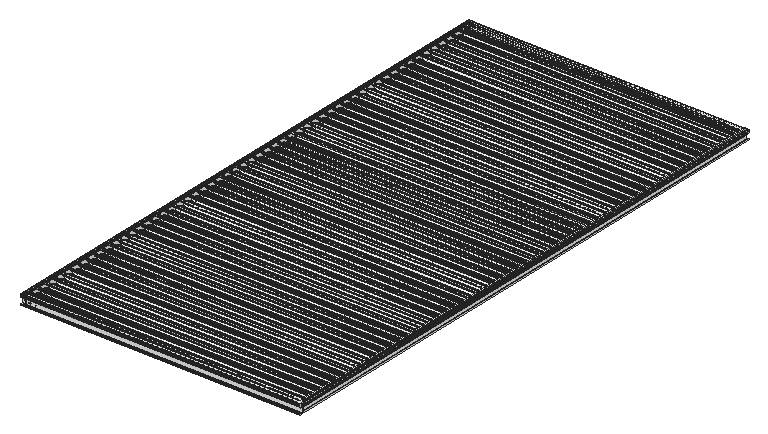
Revit family "All-Lite_EFY-245_R17", category Mechanical Equipment, host Face, Revit 2017
Family settings
  Host = Face
  Round Connector Dimension = Use Diameter
  Part Type = Normal
  Cut with Voids When Loaded = No
  Shared = No
  Room Calculation Point = No
Parameters (values of type "60" x 120"")
  Width Control = if(Width < 4 1/2", 4 1/2", Width)  # 60"
  Width = 60"
  Wall Depth [instance] = 12"
  URL = "https://www.alllite.com/"
  Pressure Loss = ".34 in. wg"  # constant formula
  Screen = "1/2'' x 0.063'' expanded and flattened aluminum."  # constant formula
  Product URL = "https://www.alllite.com/media/resource/EFY245.pdf"
  Revit Components [instance] = "www.commensestudio.com"
  Mullion = "Visible"  # constant formula
  Modeled By = "Commense Studio"  # constant formula
  Model = "EFY-245"  # constant formula
  Maximum Size = "60'' x 120''"  # constant formula
  Louver Placement from Face [instance] = 1"
  Height Control = if(Height < 4 1/2", 4 1/2", Height)  # 120"
  Free Area Velocity = "679 fpm"  # constant formula
  Free Area (48"x 48") = "4.9 ft² 30.8%"  # constant formula
  Frame Width = 5/8"  # constant formula
  Design Load = "20 psf"  # constant formula
  Air Volume Delivered = "3351 cfm"  # constant formula
  Material = "Mill finish 6063-T5 extruded aluminum."  # constant formula
  Manufacturer = "All-Lite"  # constant formula
  Aluminum [instance] = Aluminum
  Blade Width = Width - (Frame Width * 2)  # 58 3/4"
  Frame = "2'' deep x 0.06'' thick channel."  # constant formula
  Description = "The EFY-245 extruded aluminum louver is designed for intake\r\nand exhaust application where protection against water\r\ninfiltration is not critical. The EFY-245 is well suited for special\r\nshape applications and is available with hidden mullions for a\r\ncontinuous blade appearance of multiple section assemblies.\r\nThe EFY-245 is available in a wide array of anodized and\r\npainted finishes including custom color matching."  # constant formula
  Height = 120"
  Depth = 6"  # constant formula
  Default Elevation = 0"
  Minimum Size = "4.5'' x 9.5'"  # constant formula
  Blades = "45° x 0.06'' thick Y- style."  # constant formula
  Assembly Code = "B3020300"
  Array Control 2 = if(Array Control 1 < 2, 2, Array Control 1)  # 55
  Array Control 1 = (Height - 10 3/4") / 2"  # 55
Types (2): name | Width Control | Width | URL | Product URL | Height Control | Blade Width | Height | Array Control 2 | Array Control 1
  60" x 120" | 60" | 60" | "https://www.alllite.com/" | "https://www.alllite.com/media/resource/EFY245.pdf" | 120" | 58 3/4" | 120" | 55 | 55
  36" x 48" | 36" | 36" | "https://www.pottorff.com/" | "" | 48" | 34 3/4" | 48" | 19 | 19
Reference planes (in)
  plane 1 "Center (Front/Back)": y = 0
  plane 2: z = 0
  plane 3 "Center (Left/Right)": x = 0
  plane 4 "L": x = -30
  plane 5 "R": x = 30
  plane 6 "B": y = 60
  plane 7 "F": y = -60
  plane 8 "Framing Sweeps": z = -1
  plane 9: x = -29.375
  plane 10: x = 29.375
  plane 11 "blade": z = -1.081
  plane 12: y = -58.75
  plane 13: y = 56.25
  plane 14: z = -7
  plane 15: z = -12
  plane 16: y = -59.25
Forms (in)
  Sweep 1, solid, material "Aluminum" <- "Aluminum"
    path origin (0, 0, -1) x (-1, 0, 0) y (0, -1, 0)
      loop
        line (30, 60) -> (-30, 60)
    profile origin (0, -60, -1) x (0, 1, 0) y (0, 0, 1)
      loop
        line (0.75, -2) -> (0.75, 0) -> (0, 0) -> (0, -0.18) -> (0.06, -0.18) -> (0.06, -0.06) -> (0.156, -0.06) -> (0.156, -0.467) -> (0.06, -0.467) -> (0.06, -0.407) -> (0, -0.407) -> (0, -0.527) -> (0.216, -0.527) -> (0.216, -0.06) -> (0.69, -0.06) -> (0.69, -2) -> (0.06, -2) -> (0.06, -1.93176) -> (0, -1.93176) -> (0, -2.06) -> (1.75, -2.06) -> (1.75, -2) -> (0.75, -2)
  Sweep 2, solid, material "Aluminum" <- "Aluminum"
    path origin (0, 0, -1) x (-1, 0, 0) y (0, -1, 0)
      loop
        line (29.375, -60) -> (-29.375, -60)
    profile origin (0, 60, -1) x (0, 1, 0) y (0, 0, 1)
      loop
        line (0, -2.06) -> (0, -1.50555) -> (-0.11189, -1.50555)
        arc (-0.11189, -1.50555) -> (-0.13398, -1.4964) -> (-0.14314, -1.4743) r 0.03125
        line (-0.14314, -1.4743) -> (-0.14314, -0.667) -> (0, -0.667) -> (0, -0.407) -> (-0.06, -0.407) -> (-0.06, -0.477) -> (-0.156, -0.477) -> (-0.156, -0.12) -> (-0.06, -0.12) -> (-0.06, -0.17905) -> (0, -0.17905) -> (0, -0.06) -> (-0.74979, -0.06) -> (-0.97973, -0.28994) -> (-0.93741, -0.33226) -> (-0.72515, -0.12) -> (-0.216, -0.12) -> (-0.216, -0.477) -> (-0.30649, -0.477) -> (-0.30649, -0.542) -> (-1.85, -0.542) -> (-1.85, -0.12) -> (-1.2525, -0.12)
        arc (-1.2525, -0.12) -> (-1.2225, -0.09) -> (-1.2525, -0.06) r 0.03
        line (-1.2525, -0.06) -> (-1.87094, -0.06)
        arc (-1.87094, -0.06) -> (-1.89856, -0.07144) -> (-1.91, -0.09906) r 0.03906
        line (-1.91, -0.09906) -> (-1.91, -0.56478)
        arc (-1.91, -0.56478) -> (-1.8991, -0.5911) -> (-1.87278, -0.602) r 0.03722
        line (-1.87278, -0.602) -> (-1.66474, -0.602)
        arc (-1.66474, -0.602) -> (-1.63615, -0.62063) -> (-1.64165, -0.6543) r 0.03125
        arc (-1.64165, -0.6543) -> (-1.67948, -0.75445) -> (-1.63828, -0.85327) r 0.145
        arc (-1.63828, -0.85327) -> (-1.59629, -0.85283) -> (-1.59585, -0.81083) r 0.03001
        arc (-1.59585, -0.81083) -> (-1.5345, -0.667) -> (-1.47315, -0.81083) r 0.085
        arc (-1.47315, -0.81083) -> (-1.47181, -0.8537) -> (-1.42898, -0.85145) r 0.03001
        arc (-1.42898, -0.85145) -> (-1.3895, -0.7532) -> (-1.42735, -0.6543) r 0.145
        arc (-1.42735, -0.6543) -> (-1.43285, -0.62063) -> (-1.40426, -0.602) r 0.03125
        line (-1.40426, -0.602) -> (-1.10224, -0.602)
        arc (-1.10224, -0.602) -> (-1.07365, -0.62063) -> (-1.07915, -0.65431) r 0.03125
        arc (-1.07915, -0.65431) -> (-1.11699, -0.75399) -> (-1.07642, -0.8526) r 0.145
        arc (-1.07642, -0.8526) -> (-1.03369, -0.85359) -> (-1.03336, -0.81084) r 0.03
        arc (-1.03336, -0.81084) -> (-0.972, -0.66702) -> (-0.91069, -0.81086) r 0.085
        arc (-0.91069, -0.81086) -> (-0.90709, -0.8583) -> (-0.86033, -0.8495) r 0.03193
        arc (-0.86033, -0.8495) -> (-0.82704, -0.75356) -> (-0.86485, -0.6593) r 0.145
        arc (-0.86485, -0.6593) -> (-0.87035, -0.62563) -> (-0.84176, -0.607) r 0.03125
        line (-0.84176, -0.607) -> (-0.285, -0.607)
        arc (-0.285, -0.607) -> (-0.38753, -0.64947) -> (-0.43, -0.752) r 0.145
        arc (-0.43, -0.752) -> (-0.4, -0.782) -> (-0.37, -0.752) r 0.03
        arc (-0.37, -0.752) -> (-0.2249, -0.6919) -> (-0.285, -0.837) r 0.085
        arc (-0.285, -0.837) -> (-0.315, -0.867) -> (-0.285, -0.897) r 0.03
        arc (-0.285, -0.897) -> (-0.26327, -0.89536) -> (-0.24203, -0.89049) r 0.145
        arc (-0.24203, -0.89049) -> (-0.21534, -0.89499) -> (-0.20314, -0.91914) r 0.03
        line (-0.20314, -0.91914) -> (-0.20314, -1.36841)
        arc (-0.20314, -1.36841) -> (-0.21534, -1.39256) -> (-0.24203, -1.39706) r 0.03
        arc (-0.24203, -1.39706) -> (-0.31831, -1.39443) -> (-0.38536, -1.4309) r 0.145
        arc (-0.38536, -1.4309) -> (-0.38625, -1.47331) -> (-0.34383, -1.4742) r 0.03
        arc (-0.34383, -1.4742) -> (-0.2, -1.53461) -> (-0.34246, -1.59819) r 0.085
        arc (-0.34246, -1.59819) -> (-0.38537, -1.59772) -> (-0.3849, -1.64064) r 0.03002
        arc (-0.3849, -1.64064) -> (-0.25224, -1.6768) -> (-0.14904, -1.58594) r 0.145
        arc (-0.14904, -1.58594) -> (-0.13758, -1.57115) -> (-0.11973, -1.56555) r 0.03125
        line (-0.11973, -1.56555) -> (-0.06, -1.56555) -> (-0.06, -2) -> (-0.62636, -2) -> (-0.62636, -2.06) -> (0, -2.06)
  Sweep 3, solid, material "Aluminum" <- "Aluminum"
    path origin (0, 0, -1) x (-1, 0, 0) y (0, -1, 0)
      loop
        line (30, -60) -> (30, 59.25)
    profile "Profile - H Channel - 2in : 2 x 5/8" origin (-30, 0.375, -1) x (1, 0, 0) y (0, 0, 1)
      loop
        line (0.06, -1.94) -> (0.06, -1.8285)
        arc (0.06, -1.8285) -> (0.03, -1.7985) -> (0, -1.8285) r 0.03
        line (0, -1.8285) -> (0, -2) -> (0.625, -2) -> (0.625, -0.467) -> (0.216, -0.467) -> (0.216, -0.06) -> (0.565, -0.06) -> (0.565, -0.12397)
        arc (0.565, -0.12397) -> (0.595, -0.15397) -> (0.625, -0.12397) r 0.03
        line (0.625, -0.12397) -> (0.625, -0.06) -> (0.734, -0.06)
        arc (0.734, -0.06) -> (0.764, -0.03) -> (0.734, 0) r 0.03
        line (0.734, 0) -> (0, 0) -> (0, -0.164)
        arc (0, -0.164) -> (0.03, -0.194) -> (0.06, -0.164) r 0.03
        line (0.06, -0.164) -> (0.06, -0.06) -> (0.156, -0.06) -> (0.156, -0.467) -> (0.06, -0.467) -> (0.06, -0.423)
        arc (0.06, -0.423) -> (0.03, -0.393) -> (0, -0.423) r 0.03
        line (0, -0.423) -> (0, -0.527) -> (0.565, -0.527) -> (0.565, -0.95365)
        arc (0.565, -0.95365) -> (0.55309, -0.97675) -> (0.52737, -0.98046) r 0.02836
        arc (0.52737, -0.98046) -> (0.44833, -0.976) -> (0.37873, -1.01372) r 0.145
        arc (0.37873, -1.01372) -> (0.37917, -1.05571) -> (0.42117, -1.05615) r 0.03001
        arc (0.42117, -1.05615) -> (0.565, -1.1172) -> (0.4216, -1.17926) r 0.085
        arc (0.4216, -1.17926) -> (0.37984, -1.18038) -> (0.37964, -1.22215) r 0.03002
        arc (0.37964, -1.22215) -> (0.44707, -1.25871) -> (0.52373, -1.25575) r 0.145
        arc (0.52373, -1.25575) -> (0.55203, -1.2604) -> (0.565, -1.28598) r 0.03171
        line (0.565, -1.28598) -> (0.565, -1.94) -> (0.06, -1.94)
  Sweep 4, solid, material "Aluminum" <- "Aluminum"
    path origin (0, 0, -1) x (-1, 0, 0) y (0, -1, 0)
      loop
        line (-30, -60) -> (-30, 59.25)
    profile "Profile - H Channel - 2in : 2 x 5/8" origin (30, 0.375, -1) x (1, 0, 0) y (0, 0, 1)
      loop
        line (-0.06, -1.94) -> (-0.565, -1.94) -> (-0.565, -1.28598)
        arc (-0.565, -1.28598) -> (-0.55203, -1.2604) -> (-0.52373, -1.25575) r 0.03171
        arc (-0.52373, -1.25575) -> (-0.44707, -1.25871) -> (-0.37964, -1.22215) r 0.145
        arc (-0.37964, -1.22215) -> (-0.37984, -1.18038) -> (-0.4216, -1.17926) r 0.03002
        arc (-0.4216, -1.17926) -> (-0.565, -1.1172) -> (-0.42117, -1.05615) r 0.085
        arc (-0.42117, -1.05615) -> (-0.37917, -1.05571) -> (-0.37873, -1.01372) r 0.03001
        arc (-0.37873, -1.01372) -> (-0.44833, -0.976) -> (-0.52737, -0.98046) r 0.145
        arc (-0.52737, -0.98046) -> (-0.55309, -0.97675) -> (-0.565, -0.95365) r 0.02836
        line (-0.565, -0.95365) -> (-0.565, -0.527) -> (0, -0.527) -> (0, -0.423)
        arc (0, -0.423) -> (-0.03, -0.393) -> (-0.06, -0.423) r 0.03
        line (-0.06, -0.423) -> (-0.06, -0.467) -> (-0.156, -0.467) -> (-0.156, -0.06) -> (-0.06, -0.06) -> (-0.06, -0.164)
        arc (-0.06, -0.164) -> (-0.03, -0.194) -> (0, -0.164) r 0.03
        line (0, -0.164) -> (0, 0) -> (-0.734, 0)
        arc (-0.734, 0) -> (-0.764, -0.03) -> (-0.734, -0.06) r 0.03
        line (-0.734, -0.06) -> (-0.625, -0.06) -> (-0.625, -0.12397)
        arc (-0.625, -0.12397) -> (-0.595, -0.15397) -> (-0.565, -0.12397) r 0.03
        line (-0.565, -0.12397) -> (-0.565, -0.06) -> (-0.216, -0.06) -> (-0.216, -0.467) -> (-0.625, -0.467) -> (-0.625, -2) -> (0, -2) -> (0, -1.8285)
        arc (0, -1.8285) -> (-0.03, -1.7985) -> (-0.06, -1.8285) r 0.03
        line (-0.06, -1.8285) -> (-0.06, -1.94)
  Extrusion 5, void
    sketch origin (10.61611, 0, 0) x (0, 0, 1) y (0, -1, 0)
      loop
        line (0, 60) -> (-12, 60) -> (-12, -60) -> (0, -60) -> (0, 60)
    from -40.61611 to 19.38389
Cuts and joins
  joined: Sweep 1, Sweep 3, Sweep 4
Lines and regions (in)
  symbolic lines
    curve 1: line (-30, 60, -1) -> (30, 60, -1)
    curve 2: line (-30, -60, -1) -> (-30, 60, -1)
    curve 3: line (30, -60, -1) -> (-30, -60, -1)
    curve 4: line (30, 60, -1) -> (30, -60, -1)
    curve 5: line (-29.5, 59.5, -1) -> (29.5, 59.5, -1)
    curve 6: line (29.5, 59.5, -1) -> (29.5, -59.5, -1)
    curve 7: line (29.5, -59.5, -1) -> (-29.5, -59.5, -1)
    curve 8: line (-29.5, -59.5, -1) -> (-29.5, 59.5, -1)
Dimensions and locks (in)
  equal spacing: plane 4 "L", plane 3 "Center (Left/Right)", plane 5 "R"
  "Width Control": plane 4 "L" to plane 5 "R"
  equal spacing: plane 7 "F", plane 1 "Center (Front/Back)", plane 6 "B"
  "Height Control": plane 7 "F" to plane 6 "B"
  "Louver Placement from Face": level to plane 8 "Framing Sweeps"
  "Frame Width": plane 4 "L" to plane 9
  "Frame Width": plane 10 to plane 5 "R"
  locked: plane 7 "F" to plane 12 at 1.25
  equal spacing: group 1, group 3, group 4, group 5, group 6, group 7, group 8, group 9, group 10, group 11, group 12, group 13, group 14, group 15, group 16, group 17, group 18, group 19, group 20, group 21, group 22, group 23, group 24, group 25, group 26, group 27, group 28, group 29, group 30, group 31, group 32, group 33, group 34, group 35, group 36, group 37, group 38, group 39, group 40, group 41, group 42, group 43, group 44, group 45, group 46, group 47, group 48, group 49, group 50, group 51, group 52, group 53, group 54, group 55, group 2  (x3)
  locked: plane 8 "Framing Sweeps" to plane 11 "blade" at 0.081
  "Wall Depth": level to plane 15
  "Depth": plane 8 "Framing Sweeps" to plane 14
  locked: plane 13 to plane 6 "B" at 3.75
  locked: plane 7 "F" to plane 16 at 0.75
  aligned and locked: plane 2 to host face
  aligned and locked: level to host face
  aligned and locked: plane 11 "blade" to nested 1
  aligned and locked: plane 12 to nested 1
  aligned and locked: plane 13 to nested 2
  aligned and locked: plane 6 "B" to Sweep 2 sketch curve
  aligned and locked: Sweep 4 sketch curve to plane 5 "R"
  aligned and locked: plane 9 to Sweep 2 sketch curve
  aligned and locked: Sweep 2 sketch curve to plane 10
  aligned and locked: plane 11 "blade" to nested 2
  aligned and locked: plane 15 to host face
  aligned and locked: plane 15 to Extrusion 5
  aligned and locked: plane 7 "F" to Extrusion 5
  aligned and locked: Extrusion 5 to plane 4 "L"
  aligned and locked: Extrusion 5 to plane 5 "R"
  aligned and locked: plane 16 to Sweep 4 sketch curve
  aligned and locked: plane 16 to Sweep 3 sketch curve
Automatic sketch dimensions
  host sketch curve to host sketch curve = 96"
  host sketch curve to host sketch curve = 158.30898"
  curve 1 to plane 5 "R" = 0"
  curve 2 to plane 4 "L" = 0"
  plane 6 "B" to curve 1 = 0"
  plane 7 "F" to curve 3 = 0"
  curve 7 to plane 5 "R" = 1/2"
  plane 4 "L" to curve 7 = 1/2"
  plane 6 "B" to curve 5 = 1/2"
  curve 8 to plane 7 "F" = 1/2"
  Sweep 4 sketch curve to plane 6 "B" = 0"
  Sweep 3 sketch curve to plane 4 "L" = 0"
  Sweep 3 sketch curve to plane 6 "B" = 0"
  Sweep 1 sketch curve to plane 5 "R" = 0"
  Sweep 1 sketch curve to plane 4 "L" = 0"
  plane 7 "F" to Sweep 1 sketch curve = 0"
  Extrusion 5 sketch curve to level = 0"
  Extrusion 5 sketch curve to plane 6 "B" = 0"
  Extrusion 5 sketch curve to plane 11 "blade" = 10.919"
  Extrusion 5 sketch curve to plane 13 = 116 1/4"
  Sweep 1 sketch curve to profile plane = 0"  (x3)
  Sweep 1 sketch curve to plane 8 "Framing Sweeps" = 0"
  Sweep 1 sketch curve to Sweep 1 sketch curve = 0.06"  (x7)
  Sweep 1 sketch curve to Sweep 1 sketch curve = 0.096"
  Sweep 1 sketch curve to Sweep 1 sketch curve = 0.63"
  Sweep 1 sketch curve to Sweep 1 sketch curve = 1"
  Sweep 1 sketch curve to plane 8 "Framing Sweeps" = 0.06"  (x2)
  Sweep 1 sketch curve to Sweep 1 sketch curve = 0.12"
  Sweep 1 sketch curve to Sweep 1 sketch curve = 0.227"
  Sweep 1 sketch curve to Sweep 1 sketch curve = 1.52476"
  Sweep 1 sketch curve to Sweep 1 sketch curve = 0.06824"  (x2)
  Sweep 1 sketch curve to profile plane = 0.06"
  Sweep 2 sketch curve to Sweep 2 sketch curve = 0"  (x31)
  Sweep 2 sketch curve to profile plane = 0"  (x3)
  profile plane to Sweep 2 sketch curve = 0.06"  (x3)
  Sweep 2 sketch curve to Sweep 2 sketch curve = 0.05189"
  Sweep 2 sketch curve to Sweep 2 sketch curve = 0.05974"
  Sweep 2 sketch curve to Sweep 2 sketch curve = 1/32"  (x6)
  Sweep 2 sketch curve to Sweep 2 sketch curve = 0.096"
  Sweep 2 sketch curve to Sweep 2 sketch curve = 0.06"  (x4)
  Sweep 2 sketch curve to Sweep 2 sketch curve = 0.09"
  profile plane to Sweep 2 sketch curve = 0.23314"
  Sweep 2 sketch curve to Sweep 2 sketch curve = 0.14186"  (x2)
  Sweep 2 sketch curve to Sweep 2 sketch curve = 0.09049"
  Sweep 2 sketch curve to Sweep 2 sketch curve = 0.07914"
  Sweep 2 sketch curve to Sweep 2 sketch curve = 0.0796"
  Sweep 2 sketch curve to Sweep 2 sketch curve = 0.115"  (x2)
  Sweep 2 sketch curve to Sweep 2 sketch curve = 0.26222"
  Sweep 2 sketch curve to plane 8 "Framing Sweeps" = 0.12"
  Sweep 2 sketch curve to Sweep 2 sketch curve = 0.50915"
  Sweep 2 sketch curve to Sweep 2 sketch curve = 0.02464"
  Sweep 2 sketch curve to Sweep 2 sketch curve = 0.44176"
  Sweep 2 sketch curve to Sweep 2 sketch curve = 0.04589"
  Sweep 2 sketch curve to plane 8 "Framing Sweeps" = 0.33226"
  Sweep 2 sketch curve to Sweep 2 sketch curve = 0.09565"
  Sweep 2 sketch curve to Sweep 2 sketch curve = 0.08435"
  Sweep 2 sketch curve to plane 8 "Framing Sweeps" = 0.28994"
  Sweep 2 sketch curve to Sweep 2 sketch curve = 0.04232"
  Sweep 2 sketch curve to Sweep 2 sketch curve = 0.08257"
  Sweep 2 sketch curve to Sweep 2 sketch curve = 0.13024"  (x2)
  Sweep 2 sketch curve to plane 8 "Framing Sweeps" = 0.06"  (x2)
  Sweep 2 sketch curve to Sweep 2 sketch curve = 0.27276"
  Sweep 2 sketch curve to Sweep 2 sketch curve = 0.30202"
  Sweep 2 sketch curve to Sweep 2 sketch curve = 0.04723"
  Sweep 2 sketch curve to Sweep 2 sketch curve = 0.08301"  (x2)
  Sweep 2 sketch curve to Sweep 2 sketch curve = 0.18526"
  Sweep 2 sketch curve to Sweep 2 sketch curve = 0.02094"
  Sweep 2 sketch curve to Sweep 2 sketch curve = 0.02279"
  Sweep 2 sketch curve to Sweep 2 sketch curve = 0.03722"
  Sweep 2 sketch curve to Sweep 2 sketch curve = 0.287"
  Sweep 2 sketch curve to Sweep 2 sketch curve = 0.07"  (x2)
  Sweep 2 sketch curve to Sweep 2 sketch curve = 0.065"
  Sweep 2 sketch curve to Sweep 2 sketch curve = 0.02278"
  Sweep 2 sketch curve to Sweep 2 sketch curve = 0.26974"
  Sweep 2 sketch curve to Sweep 2 sketch curve = 0.005"
  Sweep 2 sketch curve to Sweep 2 sketch curve = 0.19"
  Sweep 2 sketch curve to Sweep 2 sketch curve = 0.145"
  Sweep 2 sketch curve to Sweep 2 sketch curve = 0.11875"
  Sweep 2 sketch curve to Sweep 2 sketch curve = 0.11375"
  Sweep 2 sketch curve to Sweep 2 sketch curve = 0.00499"
  Sweep 2 sketch curve to Sweep 2 sketch curve = 0.07961"  (x2)
  Sweep 2 sketch curve to Sweep 2 sketch curve = 0.07505"
  Sweep 2 sketch curve to Sweep 2 sketch curve = 0.07597"
  Sweep 2 sketch curve to Sweep 2 sketch curve = 0.05214"
  Sweep 2 sketch curve to Sweep 2 sketch curve = 0.44927"
  Sweep 2 sketch curve to Sweep 2 sketch curve = 0.08414"
  Sweep 2 sketch curve to Sweep 2 sketch curve = 0.10589"
  Sweep 2 sketch curve to Sweep 2 sketch curve = 0.083"
  Sweep 2 sketch curve to Sweep 2 sketch curve = 0.0834"
  Sweep 2 sketch curve to Sweep 2 sketch curve = 0.38105"
  Sweep 2 sketch curve to plane 8 "Framing Sweeps" = 0.17905"
  Sweep 2 sketch curve to Sweep 2 sketch curve = 0.05905"
  Sweep 2 sketch curve to Sweep 2 sketch curve = 0.03"  (x2)
  Sweep 2 sketch curve to Sweep 2 sketch curve = 0.02169"
  Sweep 2 sketch curve to Sweep 2 sketch curve = 0.02076"
  Sweep 2 sketch curve to Sweep 2 sketch curve = 0.02732"
  Sweep 2 sketch curve to Sweep 2 sketch curve = 0.02121"
  Sweep 2 sketch curve to Sweep 2 sketch curve = 0.02186"
  Sweep 2 sketch curve to Sweep 2 sketch curve = 0.02251"
  Sweep 2 sketch curve to Sweep 2 sketch curve = 0.02077"
Nested families (in)
  nested 1: "Blade_Y-Style 2in_45 deg" at (0, -58.75, -1.081), type "Blade_Y-Style 2in_45 deg"
    with W 58 3/4"
  nested 2: "Blade_Y-Style 2in_45 deg" at (0, 56.25, -1.081), type "Blade_Y-Style 2in_45 deg"
    with W 58 3/4"
  nested 3: "Blade_Y-Style 2in_45 deg" at (0, -56.62037, -1.081), type "Blade_Y-Style 2in_45 deg"
    with W 58 3/4"
  nested 4: "Blade_Y-Style 2in_45 deg" at (0, -54.49074, -1.081), type "Blade_Y-Style 2in_45 deg"
    with W 58 3/4"
  nested 5: "Blade_Y-Style 2in_45 deg" at (0, -52.36111, -1.081), type "Blade_Y-Style 2in_45 deg"
    with W 58 3/4"
  nested 6: "Blade_Y-Style 2in_45 deg" at (0, -50.23148, -1.081), type "Blade_Y-Style 2in_45 deg"
    with W 58 3/4"
  nested 7: "Blade_Y-Style 2in_45 deg" at (0, -48.10185, -1.081), type "Blade_Y-Style 2in_45 deg"
    with W 58 3/4"
  nested 8: "Blade_Y-Style 2in_45 deg" at (0, -45.97222, -1.081), type "Blade_Y-Style 2in_45 deg"
    with W 58 3/4"
  nested 9: "Blade_Y-Style 2in_45 deg" at (0, -43.84259, -1.081), type "Blade_Y-Style 2in_45 deg"
    with W 58 3/4"
  nested 10: "Blade_Y-Style 2in_45 deg" at (0, -41.71296, -1.081), type "Blade_Y-Style 2in_45 deg"
    with W 58 3/4"
  nested 11: "Blade_Y-Style 2in_45 deg" at (0, -39.58333, -1.081), type "Blade_Y-Style 2in_45 deg"
    with W 58 3/4"
  nested 12: "Blade_Y-Style 2in_45 deg" at (0, -37.4537, -1.081), type "Blade_Y-Style 2in_45 deg"
    with W 58 3/4"
  nested 13: "Blade_Y-Style 2in_45 deg" at (0, -35.32407, -1.081), type "Blade_Y-Style 2in_45 deg"
    with W 58 3/4"
  nested 14: "Blade_Y-Style 2in_45 deg" at (0, -33.19444, -1.081), type "Blade_Y-Style 2in_45 deg"
    with W 58 3/4"
  nested 15: "Blade_Y-Style 2in_45 deg" at (0, -31.06481, -1.081), type "Blade_Y-Style 2in_45 deg"
    with W 58 3/4"
  nested 16: "Blade_Y-Style 2in_45 deg" at (0, -28.93519, -1.081), type "Blade_Y-Style 2in_45 deg"
    with W 58 3/4"
  nested 17: "Blade_Y-Style 2in_45 deg" at (0, -26.80556, -1.081), type "Blade_Y-Style 2in_45 deg"
    with W 58 3/4"
  nested 18: "Blade_Y-Style 2in_45 deg" at (0, -24.67593, -1.081), type "Blade_Y-Style 2in_45 deg"
    with W 58 3/4"
  nested 19: "Blade_Y-Style 2in_45 deg" at (0, -22.5463, -1.081), type "Blade_Y-Style 2in_45 deg"
    with W 58 3/4"
  nested 20: "Blade_Y-Style 2in_45 deg" at (0, -20.41667, -1.081), type "Blade_Y-Style 2in_45 deg"
    with W 58 3/4"
  nested 21: "Blade_Y-Style 2in_45 deg" at (0, -18.28704, -1.081), type "Blade_Y-Style 2in_45 deg"
    with W 58 3/4"
  nested 22: "Blade_Y-Style 2in_45 deg" at (0, -16.15741, -1.081), type "Blade_Y-Style 2in_45 deg"
    with W 58 3/4"
  nested 23: "Blade_Y-Style 2in_45 deg" at (0, -14.02778, -1.081), type "Blade_Y-Style 2in_45 deg"
    with W 58 3/4"
  nested 24: "Blade_Y-Style 2in_45 deg" at (0, -11.89815, -1.081), type "Blade_Y-Style 2in_45 deg"
    with W 58 3/4"
  nested 25: "Blade_Y-Style 2in_45 deg" at (0, -9.76852, -1.081), type "Blade_Y-Style 2in_45 deg"
    with W 58 3/4"
  nested 26: "Blade_Y-Style 2in_45 deg" at (0, -7.63889, -1.081), type "Blade_Y-Style 2in_45 deg"
    with W 58 3/4"
  nested 27: "Blade_Y-Style 2in_45 deg" at (0, -5.50926, -1.081), type "Blade_Y-Style 2in_45 deg"
    with W 58 3/4"
  nested 28: "Blade_Y-Style 2in_45 deg" at (0, -3.37963, -1.081), type "Blade_Y-Style 2in_45 deg"
    with W 58 3/4"
  nested 29: "Blade_Y-Style 2in_45 deg" at (0, -1.25, -1.081), type "Blade_Y-Style 2in_45 deg"
    with W 58 3/4"
  nested 30: "Blade_Y-Style 2in_45 deg" at (0, 0.87963, -1.081), type "Blade_Y-Style 2in_45 deg"
    with W 58 3/4"
  nested 31: "Blade_Y-Style 2in_45 deg" at (0, 3.00926, -1.081), type "Blade_Y-Style 2in_45 deg"
    with W 58 3/4"
  nested 32: "Blade_Y-Style 2in_45 deg" at (0, 5.13889, -1.081), type "Blade_Y-Style 2in_45 deg"
    with W 58 3/4"
  nested 33: "Blade_Y-Style 2in_45 deg" at (0, 7.26852, -1.081), type "Blade_Y-Style 2in_45 deg"
    with W 58 3/4"
  nested 34: "Blade_Y-Style 2in_45 deg" at (0, 9.39815, -1.081), type "Blade_Y-Style 2in_45 deg"
    with W 58 3/4"
  nested 35: "Blade_Y-Style 2in_45 deg" at (0, 11.52778, -1.081), type "Blade_Y-Style 2in_45 deg"
    with W 58 3/4"
  nested 36: "Blade_Y-Style 2in_45 deg" at (0, 13.65741, -1.081), type "Blade_Y-Style 2in_45 deg"
    with W 58 3/4"
  nested 37: "Blade_Y-Style 2in_45 deg" at (0, 15.78704, -1.081), type "Blade_Y-Style 2in_45 deg"
    with W 58 3/4"
  nested 38: "Blade_Y-Style 2in_45 deg" at (0, 17.91667, -1.081), type "Blade_Y-Style 2in_45 deg"
    with W 58 3/4"
  nested 39: "Blade_Y-Style 2in_45 deg" at (0, 20.0463, -1.081), type "Blade_Y-Style 2in_45 deg"
    with W 58 3/4"
  nested 40: "Blade_Y-Style 2in_45 deg" at (0, 22.17593, -1.081), type "Blade_Y-Style 2in_45 deg"
    with W 58 3/4"
  nested 41: "Blade_Y-Style 2in_45 deg" at (0, 24.30556, -1.081), type "Blade_Y-Style 2in_45 deg"
    with W 58 3/4"
  nested 42: "Blade_Y-Style 2in_45 deg" at (0, 26.43519, -1.081), type "Blade_Y-Style 2in_45 deg"
    with W 58 3/4"
  nested 43: "Blade_Y-Style 2in_45 deg" at (0, 28.56481, -1.081), type "Blade_Y-Style 2in_45 deg"
    with W 58 3/4"
  nested 44: "Blade_Y-Style 2in_45 deg" at (0, 30.69444, -1.081), type "Blade_Y-Style 2in_45 deg"
    with W 58 3/4"
  nested 45: "Blade_Y-Style 2in_45 deg" at (0, 32.82407, -1.081), type "Blade_Y-Style 2in_45 deg"
    with W 58 3/4"
  nested 46: "Blade_Y-Style 2in_45 deg" at (0, 34.9537, -1.081), type "Blade_Y-Style 2in_45 deg"
    with W 58 3/4"
  nested 47: "Blade_Y-Style 2in_45 deg" at (0, 37.08333, -1.081), type "Blade_Y-Style 2in_45 deg"
    with W 58 3/4"
  nested 48: "Blade_Y-Style 2in_45 deg" at (0, 39.21296, -1.081), type "Blade_Y-Style 2in_45 deg"
    with W 58 3/4"
  nested 49: "Blade_Y-Style 2in_45 deg" at (0, 41.34259, -1.081), type "Blade_Y-Style 2in_45 deg"
    with W 58 3/4"
  nested 50: "Blade_Y-Style 2in_45 deg" at (0, 43.47222, -1.081), type "Blade_Y-Style 2in_45 deg"
    with W 58 3/4"
  nested 51: "Blade_Y-Style 2in_45 deg" at (0, 45.60185, -1.081), type "Blade_Y-Style 2in_45 deg"
    with W 58 3/4"
  nested 52: "Blade_Y-Style 2in_45 deg" at (0, 47.73148, -1.081), type "Blade_Y-Style 2in_45 deg"
    with W 58 3/4"
  nested 53: "Blade_Y-Style 2in_45 deg" at (0, 49.86111, -1.081), type "Blade_Y-Style 2in_45 deg"
    with W 58 3/4"
  nested 54: "Blade_Y-Style 2in_45 deg" at (0, 51.99074, -1.081), type "Blade_Y-Style 2in_45 deg"
    with W 58 3/4"
  nested 55: "Blade_Y-Style 2in_45 deg" at (0, 54.12037, -1.081), type "Blade_Y-Style 2in_45 deg"
    with W 58 3/4"
Connectors (in)
  hvac at (0, 0, -1), driven by "Height", driven by "Width"
    settings: index 1, duct flow 0 CFM, flow factor 0, pres drop 0.00 in-wg, loss coef 0, conn angle 0.00°, conn width 60", conn height 120", conn diameter 24", duct sys type 1, conn prof type 1, flow config 0, flow direction 0, loss method 0, conn ref index -1, conn util no, is conn primary yes, conn desc ""
Definition of nested family "Blade_Y-Style 2in_45 deg"
  Parameters (values of type "Blade_Y-Style 2in_45 deg")
    W = 58"
    Blade = none
    Assembly Code = ""
  Reference planes (in)
    plane 1 "Center (Front/Back)": y = 0
    plane 2: z = 0
    plane 3 "Center (Left/Right)": x = 0
    plane 4: x = -29
    plane 5: x = 29
    plane 6: z = 0
    plane 7: y = 2
  Forms (in)
    Sweep 1, solid, material <- "Blade"
      path origin (0, 0, 0) x (1, 0, 0) y (0, 0, -1)
        loop
          line (-29, 0) -> (29, 0)
      profile "Profile - Y Blade - 2in_45 deg : Profile - Y Blade - 2in_45 deg" origin (0, 0, 0) x (0, 0, -1) y (0, 1, 0)
        loop
          line (0, 0.543) -> (0, 0.03)
          arc (0, 0.03) -> (0.03, 0) -> (0.06, 0.03) r 0.03
          line (0.06, 0.03) -> (0.06, 0.51815) -> (0.50405, 0.9622)
          arc (0.50405, 0.9622) -> (0.53006, 0.97068) -> (0.55214, 0.95453) r 0.03
          arc (0.55214, 0.95453) -> (0.6029, 0.89792) -> (0.67532, 0.87478) r 0.145
          arc (0.67532, 0.87478) -> (0.7118, 0.90116) -> (0.6817, 0.93464) r 0.03027
          arc (0.6817, 0.93464) -> (0.6216, 1.07974) -> (0.7667, 1.01964) r 0.085
          arc (0.7667, 1.01964) -> (0.79989, 0.99223) -> (0.82656, 1.02602) r 0.03011
          arc (0.82656, 1.02602) -> (0.80342, 1.09844) -> (0.74681, 1.1492) r 0.145
          arc (0.74681, 1.1492) -> (0.73067, 1.17123) -> (0.73907, 1.19722) r 0.03
          line (0.73907, 1.19722) -> (0.965, 1.42315) -> (1.4095, 0.97864)
          arc (1.4095, 0.97864) -> (1.41828, 0.95172) -> (1.40171, 0.92876) r 0.03125
          arc (1.40171, 0.92876) -> (1.3443, 0.87535) -> (1.32309, 0.79985) r 0.145
          arc (1.32309, 0.79985) -> (1.35309, 0.77227) -> (1.38309, 0.79985) r 0.03011
          arc (1.38309, 0.79985) -> (1.52686, 0.86126) -> (1.47183, 0.71493) r 0.085
          arc (1.47183, 0.71493) -> (1.44057, 0.68672) -> (1.46809, 0.65485) r 0.03011
          arc (1.46809, 0.65485) -> (1.5442, 0.67643) -> (1.59765, 0.73474) r 0.145
          arc (1.59765, 0.73474) -> (1.61968, 0.75088) -> (1.64567, 0.74248) r 0.03
          line (1.64567, 0.74248) -> (1.87, 0.51815) -> (1.87, 0.03)
          arc (1.87, 0.03) -> (1.9, 0) -> (1.93, 0.03) r 0.03
          line (1.93, 0.03) -> (1.93, 0.543) -> (0.995, 1.478) -> (0.995, 2.095)
          arc (0.995, 2.095) -> (0.965, 2.125) -> (0.935, 2.095) r 0.03
          line (0.935, 2.095) -> (0.935, 1.478) -> (0, 0.543)
  Dimensions and locks (in)
    plane 5 to plane 4 = 58"
    equal spacing: plane 4, plane 3 "Center (Left/Right)", plane 5
    "W": plane 4 to plane 5
    plane 1 "Center (Front/Back)" to plane 7 = 2"
    aligned and locked: plane 2 to level
  Automatic sketch dimensions
    Sweep 1 sketch curve to plane 4 = 0"
    Sweep 1 sketch curve to plane 5 = 0"
    level to Sweep 1 sketch curve = 0"
